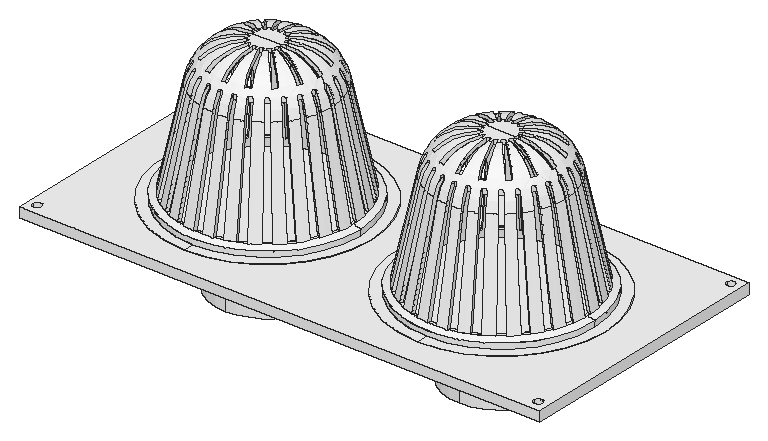
Revit family "R150", category Plumbing Fixtures, host Face, Revit 2018
Family settings
  Host = Face
  Round Connector Dimension = Use Radius
  Part Type = Normal
  Cut with Voids When Loaded = No
  Shared = No
  Room Calculation Point = No
Parameters (values of type "R154_4"Drain Pipe Size")
  WFU = 0
  URL = "WWW.MIFAB.COM"
  Pipe Radius = Pipe Diameter / 2  # 0' - 2"
  Pipe Diameter = 0' - 4"
  Model = "R154"
  Manufacturer = "MIFAB"
  Floor Drain Material = Paint - Sherwin Williams Paint - #952C2A - Bellwood Red
  Description = "CAST IRON COMBINED ROOF DRAIN WITH ALUMINUM DOMES AND OVERFLOW STANDPIPE"
  Default Elevation = 0' - 0"
  CWFU = 0
  CW Connection = no
  Body Height = 0' - 3"
  Assembly Code = ""
Types (4): name | Pipe Radius | Pipe Diameter | Model | CW Connection
  (no name) | 0' - 2" | 0' - 4" | "R154" | no
  R153_3" Drain Pipe Size | 0' - 1 1/2" | 0' - 3" | "R153" | no
  R152_2" Drain Pipe Size | 0' - 1" | 0' - 2" | "R152" | yes
  R154_4"Drain Pipe Size | 0' - 2" | 0' - 4" | "R154" | no
Reference planes (in)
  plane 1 "Center (Front/Back)": y = 0
  plane 2: z = 0
  plane 3 "Center (Left/Right)": x = 0
  plane 4: y = -2
  plane 5: y = 2
  plane 6: x = 10
  plane 7: x = -10
  plane 8: y = 5
  plane 9: y = -5
  plane 10: x = -9.63051
  plane 11: x = 9.63051
  plane 12: y = 4.62663
  plane 13: y = -4.62663
  plane 14: z = -0.39019
  plane 15: x = -4.5
  plane 16: x = 4.5
Forms (in)
  Extrusion 1, solid, material "Paint - Sherwin Williams Paint - #952C2A - Bellwood Red" <- "Floor Drain Material"
    sketch origin (0, 0, 0) x (1, 0, 0) y (0, 1, 0)
      loop
        line (-10, 5) -> (-10, -5) -> (10, -5) -> (10, 5) -> (-10, 5)
      loop
        circle (9.63051, 4.62663) r 0.16819
      loop
        circle (9.63051, -4.62663) r 0.16819
      loop
        circle (-9.63051, 4.62663) r 0.16819
      loop
        circle (-9.63051, -4.62663) r 0.16819
    from 0 to -0.39019
  Extrusion 2, void
    sketch origin (0, 0, 0) x (1, 0, 0) y (0, 1, 0)
      loop
        line (-10, 5) -> (-10, -5) -> (10, -5) -> (10, 5) -> (-10, 5)
    from -0.39019 to 0
Dimensions and locks (in)
  equal spacing: plane 5, plane 1 "Center (Front/Back)", plane 4
  "Pipe Diameter": plane 5 to plane 4
  "Pipe Radius": plane 1 "Center (Front/Back)" to plane 4
  equal spacing: plane 7, plane 3 "Center (Left/Right)", plane 6
  plane 7 to plane 6 = 1' - 8"
  equal spacing: plane 9, plane 1 "Center (Front/Back)", plane 8
  plane 9 to plane 8 = 0' - 10"
  locked: plane 9 to plane 13 at 0.37337
  locked: plane 8 to plane 12 at 0.37337
  locked: plane 7 to plane 10 at 0.36949
  locked: plane 11 to plane 6 at 0.36949
  locked: plane 2 to plane 14 at 0.39019
  equal spacing: plane 15, plane 3 "Center (Left/Right)", plane 16
  plane 15 to plane 16 = 0' - 9"
  plane 16 to plane 15 = 0' - 9"
  aligned and locked: plane 2 to host face
  aligned and locked: level to host face
  aligned and locked: Extrusion 1 sketch curve to plane 8
  aligned and locked: Extrusion 1 sketch curve to plane 7
  aligned and locked: Extrusion 1 sketch curve to plane 9
  aligned and locked: Extrusion 1 sketch curve to plane 6
  aligned and locked: plane 10 to Extrusion 1 sketch curve  (x2)
  aligned and locked: plane 12 to Extrusion 1 sketch curve  (x2)
  aligned and locked: plane 11 to Extrusion 1 sketch curve  (x2)
  aligned and locked: plane 13 to Extrusion 1 sketch curve  (x2)
  aligned and locked: Extrusion 1 to plane 14
  aligned and locked: level to Extrusion 1
  aligned and locked: plane 15 to nested 1
  aligned and locked: plane 1 "Center (Front/Back)" to nested 1
  aligned and locked: nested 2 to plane 16
  aligned and locked: plane 1 "Center (Front/Back)" to nested 2
  aligned and locked: plane 7 to Extrusion 2 sketch curve
  aligned and locked: Extrusion 2 sketch curve to plane 8
  aligned and locked: plane 9 to Extrusion 2 sketch curve
  aligned and locked: Extrusion 2 sketch curve to plane 6
  aligned and locked: Extrusion 2 to plane 14
  aligned and locked: plane 2 to Extrusion 2
Automatic sketch dimensions
  host sketch curve to host sketch curve = 8' - 0"  (x2)
  radius of Extrusion 1 sketch curve = 0' - 0.16819"  (x4)
Nested families (in)
  nested 1: "R100" at (-4.5, 0, 0), type "R104_4" Drain Pipe Size"
    with Body Height 0' - 3"
  nested 2: "R100" at (4.5, 0, 0), type "R104_4" Drain Pipe Size"
    with Body Height 0' - 3"
Connectors (in)
  piping at (-4.5, 0, -3), diameter 4, driven by "Pipe Radius"
    settings: on nested 1, index 1, connector inside diameter 24", connector length 0' - 0", flow factor 0, pipe flow 0 GPM, pressure drop 0.00 psi, fitting loss kfactor 0, connector angle 0.00°, fixture units 0, engagement length 0' - 0", angle of deflection 0.00°, flow configuration 0, flow direction 0, fitting loss method 0, system type 7, joint type 0, gender type 0, connector reference index -1, connector utility 0, adjustable connector no, is connector primary yes, connector description ""
  piping at (4.5, 0, -3), diameter 4, driven by "Pipe Radius"
    settings: on nested 2, index 2, connector inside diameter 24", connector length 0' - 0", flow factor 0, pipe flow 0 GPM, pressure drop 0.00 psi, fitting loss kfactor 0, connector angle 0.00°, fixture units 0, engagement length 0' - 0", angle of deflection 0.00°, flow configuration 0, flow direction 0, fitting loss method 0, system type 7, joint type 0, gender type 0, connector reference index -1, connector utility 0, adjustable connector no, is connector primary no, connector description ""
Definition of nested family "R100"
  Parameters (values of type "R104_4" Drain Pipe Size")
    WFU = 0
    URL = "WWW.MIFAB.COM"
    Pipe Radius = Pipe Diameter / 2  # 0' - 2"
    Pipe Diameter = 0' - 4"
    Model = "R104"
    Manufacturer = "MIFAB"
    Floor Drain Material = none
    Description = "PVC OR ABS ROOF DRAIN WITH 8” DIAMETER FLANGE"
    Default Elevation = 0' - 0"
    CWFU = 0
    Body Height = 0' - 3 3/4"
    Assembly Code = ""
  Types (4): name | Pipe Radius | Pipe Diameter | Model | Body Height
    (no name) | 0' - 2" | 0' - 4" | "R104" | 0' - 3 3/4"
    R104_4" Drain Pipe Size | 0' - 2" | 0' - 4" | "R104" | 0' - 3 3/4"
    R103_3" Drain Pipe Size | 0' - 1 1/2" | 0' - 3" | "R103" | 0' - 3 3/4"
    R102_2" Drain Pipe Size | 0' - 1" | 0' - 2" | "R102" | 0' - 2 61/64"
  Reference planes (in)
    plane 1 "Center (Front/Back)": y = 0
    plane 2: z = 0
    plane 3 "Center (Left/Right)": x = 0
    plane 4: y = -2
    plane 5: y = 2
    plane 6: x = -2.5
    plane 7: x = 2.5
    plane 8: z = -3.75
    plane 9: z = 5.5
    plane 10: z = -0.09596
    plane 11: x = -4
    plane 12: x = 4
    plane 13: y = -4
    plane 14: y = 4
    plane 15: z = -2.85573
    plane 16: z = -2.7253
  Forms (in)
    Extrusion 1, solid
      sketch origin (0, 0, 0) x (1, 0, 0) y (0, 1, 0)
        loop
          line (-48, 48) -> (-48, -48) -> (48, -48) -> (48, 48) -> (-48, 48)
      from 0 to -2.74267
    Revolve 2, solid, material <- "Floor Drain Material"
      sketch origin (0, 0.04396, -2.375) x (0, 1, 0) y (0, 0, 1)
        loop
          line (-3.62208, 2.375) -> (-4.04396, 2.375) -> (-4.04396, 2.17578) -> (-3.74853, 2.17578) -> (-3.74853, 1.92842) -> (-2.78298, 1.92842) -> (-2.78298, 0.21741)
          arc (-2.78298, 0.21741) -> (-2.7704, 0.15989) -> (-2.73496, 0.11286) r 0.13783
          line (-2.73496, 0.11286) -> (-2.04396, -0.48073) -> (-2.04396, -1.375) -> (-1.84474, -1.375) -> (-1.84474, -0.3503) -> (-2.58376, 0.28454) -> (-2.58376, 2.08137) -> (-3.24107, 2.08137) -> (-3.62208, 2.375)
        axis (-0.04396, 2.375) -> (-0.04396, -1.375)
      angle from 0 to 360
  Lines and regions (in)
    model lines, not visible
      curve 1: line (6.7156, 0, 9.07611) -> (12.5156, 0, 9.07611)
      curve 2: line (12.5156, 0, 9.07611) -> (12.5156, 0, 10.82611)
      curve 3: line (12.5156, 0, 10.82611) -> (6.7156, 0, 10.82611)
      curve 4: line (6.7156, 0, 10.82611) -> (6.7156, 0, 9.07611)
      curve 5: line (7.13163, 0, 10.86539) -> (7.13163, 0, 12.86539)
      curve 6: line (7.13163, 0, 12.86539) -> (15.53163, 0, 12.86539)
      curve 7: line (15.53163, 0, 12.86539) -> (15.53163, 0, 10.86539)
      curve 8: line (11.33163, 0, 12.86539) -> (11.33163, 0, 12.36539)
  Dimensions and locks (in)
    equal spacing: plane 5, plane 1 "Center (Front/Back)", plane 4
    "Pipe Diameter": plane 5 to plane 4
    "Pipe Radius": plane 1 "Center (Front/Back)" to plane 4
    plane 9 to level = 0' - 5 1/2"
    locked: plane 2 to plane 10 at 0.09596
    equal spacing: plane 11, plane 3 "Center (Left/Right)", plane 12
    plane 11 to plane 12 = 0' - 8"
    plane 13 to plane 14 = 0' - 8"
    "Body Height": level to plane 8
    plane 16 to plane 15 to plane 8 = 0' - 0.13043" locked, 0' - 0.89427" locked
    Revolve 2 sketch curve to Revolve 2 sketch curve to plane 13 = 0' - 0 51/256" locked, 0' - 1.26098" locked
    plane 9 to Extrusion 1 = 0' - 5 1/2"
    aligned and locked: plane 2 to Extrusion 1
    aligned and locked: level to Extrusion 1
    aligned and locked: Revolve 2 sketch curve to plane 2
    aligned and locked: plane 8 to Revolve 2 sketch curve
    aligned and locked: plane 15 to Revolve 2 sketch curve
    aligned and locked: plane 16 to Revolve 2 sketch curve
    aligned and locked: plane 1 "Center (Front/Back)" to nested 1
    aligned and locked: plane 3 "Center (Left/Right)" to nested 1
  Automatic sketch dimensions
    curve 5 to curve 7 = 0' - 8.4"
    curve 5 to curve 8 = 0' - 4.2"
    curve 5 to curve 5 = 0' - 2"
    curve 7 to curve 6 = 0' - 2"
    curve 8 to curve 8 = 0' - 0 1/2"
    Extrusion 1 sketch curve to Extrusion 1 sketch curve = 8' - 0"  (x2)
    Revolve 2 sketch curve to plane 13 = 0' - 0"
    Revolve 2 sketch curve to plane 4 = 0' - 0"
    Revolve 2 sketch curve to plane 1 "Center (Front/Back)" = 0' - 0"
    plane 13 to Revolve 2 sketch curve = 0' - 0.29543"
    Revolve 2 sketch curve to Revolve 2 sketch curve = 0' - 0.12644"
    Revolve 2 sketch curve to plane 10 = 0' - 0.19767"
    Revolve 2 sketch curve to Revolve 2 sketch curve = 0' - 0.38102"
    plane 16 to Revolve 2 sketch curve = 0' - 0.46316"
    Revolve 2 sketch curve to Revolve 2 sketch curve = 0' - 0.04802"
    Revolve 2 sketch curve to Revolve 2 sketch curve = 0' - 0.06139"
    Revolve 2 sketch curve to Revolve 2 sketch curve = 0' - 0 51/256"
    Revolve 2 sketch curve to Revolve 2 sketch curve = 0' - 0.06712"
    Revolve 2 sketch curve to plane 10 = 0' - 0.35062"
    Revolve 2 sketch curve to plane 10 = 0' - 0.10326"
    Revolve 2 sketch curve to plane 8 = 0' - 0 3/4"
    Revolve 2 sketch curve to Revolve 2 sketch curve = 0' - 3 35/64"
  Nested families (in)
    nested 1: "Dome Jali" at (0, 0, 0), type "Dome Jali"
  Connectors (in)
    piping at (0, 0, -3.75), diameter 4, driven by "Pipe Radius"
      settings: on Revolve 2, index 1, connector inside diameter 24", connector length 0' - 0", flow factor 0, pipe flow 0 GPM, pressure drop 0.00 psi, fitting loss kfactor 0, connector angle 0.00°, fixture units 0, engagement length 0' - 0", angle of deflection 0.00°, flow configuration 0, flow direction 0, fitting loss method 0, system type 7, joint type 0, gender type 0, connector reference index -1, connector utility 0, adjustable connector no, is connector primary yes, connector description ""
  Definition of nested family "Dome Jali"
    Parameters (values of type "Dome Jali")
      Floor Drain Material = none
    Reference planes (in)
      plane 1 "Center (Front/Back)": y = 0
      plane 2: z = 0
      plane 3 "Center (Left/Right)": x = 0
    Forms (in)
      Revolve 1, solid, material <- "Floor Drain Material"
        sketch origin (0, 0, 7.5) x (1, 0, 0) y (0, 0, 1)
          loop
            line (3.58729, -7.49805) -> (3.58729, -7.29288) -> (3.32525, -7.19671) -> (2.51192, -3.4474)
            arc (2.51192, -3.4474) -> (1.86982, -2.40693) -> (0.71687, -2) r 1.8368
            line (0.71687, -2) -> (0, -2) -> (0, -2.13281) -> (0.68043, -2.13281)
            arc (0.68043, -2.13281) -> (1.77575, -2.51798) -> (2.38892, -3.50393) r 1.75
            line (2.38892, -3.50393) -> (3.27467, -7.49805) -> (3.58729, -7.49805)
          axis (0, -7.49805) -> (0, -2)
        angle from 0 to 360
      Extrusion 2, void
        sketch origin (0, 0, 0) x (0, 1, 0) y (0, 0, -1)
          loop
            line (0.16735, -0.30329) -> (-0.15627, -0.30329) -> (-0.09398, -4.64836)
            arc (-0.09398, -4.64836) -> (0.00554, -4.74646) -> (0.10506, -4.64836) r 0.09953
            line (0.10506, -4.64836) -> (0.16735, -0.30329)
        from 2.17608 to 4
      Extrusion 3, void
        sketch origin (0, 0, 0) x (1, 0, 0) y (0, 0, -1)
          loop
            line (0.16735, -0.30329) -> (-0.15627, -0.30329) -> (-0.09398, -4.64836)
            arc (-0.09398, -4.64836) -> (0.00554, -4.74646) -> (0.10506, -4.64836) r 0.09953
            line (0.10506, -4.64836) -> (0.16735, -0.30329)
        from 2.17608 to 4
      Extrusion 4, void
        sketch origin (0, 0, 0) x (0.222521, 0.974928, 0) y (0, 0, -1)
          loop
            line (0.16735, -0.30329) -> (-0.15627, -0.30329) -> (-0.09398, -4.64836)
            arc (-0.09398, -4.64836) -> (0.00554, -4.74646) -> (0.10506, -4.64836) r 0.09953
            line (0.10506, -4.64836) -> (0.16735, -0.30329)
        from 2.17608 to 4
      Extrusion 5, void
        sketch origin (0, 0, 0) x (0.433884, 0.900969, 0) y (0, 0, -1)
          loop
            line (0.16735, -0.30329) -> (-0.15627, -0.30329) -> (-0.09398, -4.64836)
            arc (-0.09398, -4.64836) -> (0.00554, -4.74646) -> (0.10506, -4.64836) r 0.09953
            line (0.10506, -4.64836) -> (0.16735, -0.30329)
        from 2.17608 to 4
      Extrusion 6, void
        sketch origin (0, 0, 0) x (0.62349, 0.781831, 0) y (0, 0, -1)
          loop
            line (0.16735, -0.30329) -> (-0.15627, -0.30329) -> (-0.09398, -4.64836)
            arc (-0.09398, -4.64836) -> (0.00554, -4.74646) -> (0.10506, -4.64836) r 0.09953
            line (0.10506, -4.64836) -> (0.16735, -0.30329)
        from 2.17608 to 4
      Extrusion 7, void
        sketch origin (0, 0, 0) x (0.781831, 0.62349, 0) y (0, 0, -1)
          loop
            line (0.16735, -0.30329) -> (-0.15627, -0.30329) -> (-0.09398, -4.64836)
            arc (-0.09398, -4.64836) -> (0.00554, -4.74646) -> (0.10506, -4.64836) r 0.09953
            line (0.10506, -4.64836) -> (0.16735, -0.30329)
        from 2.17608 to 4
      Extrusion 8, void
        sketch origin (0, 0, 0) x (0.900969, 0.433884, 0) y (0, 0, -1)
          loop
            line (0.16735, -0.30329) -> (-0.15627, -0.30329) -> (-0.09398, -4.64836)
            arc (-0.09398, -4.64836) -> (0.00554, -4.74646) -> (0.10506, -4.64836) r 0.09953
            line (0.10506, -4.64836) -> (0.16735, -0.30329)
        from 2.17608 to 4
      Extrusion 9, void
        sketch origin (0, 0, 0) x (0.974928, 0.222521, 0) y (0, 0, -1)
          loop
            line (0.16735, -0.30329) -> (-0.15627, -0.30329) -> (-0.09398, -4.64836)
            arc (-0.09398, -4.64836) -> (0.00554, -4.74646) -> (0.10506, -4.64836) r 0.09953
            line (0.10506, -4.64836) -> (0.16735, -0.30329)
        from 2.17608 to 4
      Extrusion 10, void
        sketch origin (0, 0, 0) x (0, 1, 0) y (0, 0, 1)
          loop
            line (0.16735, 0.30329) -> (0.10506, 4.64836)
            arc (0.10506, 4.64836) -> (0.00554, 4.74646) -> (-0.09398, 4.64836) r 0.09953
            line (-0.09398, 4.64836) -> (-0.15627, 0.30329) -> (0.16735, 0.30329)
        from 2.17608 to 4
      Extrusion 11, void
        sketch origin (0, 0, 0) x (-0.222521, 0.974928, 0) y (0, 0, 1)
          loop
            line (0.16735, 0.30329) -> (0.10506, 4.64836)
            arc (0.10506, 4.64836) -> (0.00554, 4.74646) -> (-0.09398, 4.64836) r 0.09953
            line (-0.09398, 4.64836) -> (-0.15627, 0.30329) -> (0.16735, 0.30329)
        from 2.17608 to 4
      Extrusion 12, void
        sketch origin (0, 0, 0) x (-0.433884, 0.900969, 0) y (0, 0, 1)
          loop
            line (0.16735, 0.30329) -> (0.10506, 4.64836)
            arc (0.10506, 4.64836) -> (0.00554, 4.74646) -> (-0.09398, 4.64836) r 0.09953
            line (-0.09398, 4.64836) -> (-0.15627, 0.30329) -> (0.16735, 0.30329)
        from 2.17608 to 4
      Extrusion 13, void
        sketch origin (0, 0, 0) x (-0.62349, 0.781831, 0) y (0, 0, 1)
          loop
            line (0.16735, 0.30329) -> (0.10506, 4.64836)
            arc (0.10506, 4.64836) -> (0.00554, 4.74646) -> (-0.09398, 4.64836) r 0.09953
            line (-0.09398, 4.64836) -> (-0.15627, 0.30329) -> (0.16735, 0.30329)
        from 2.17608 to 4
      Extrusion 14, void
        sketch origin (0, 0, 0) x (-0.781831, 0.62349, 0) y (0, 0, 1)
          loop
            line (0.16735, 0.30329) -> (0.10506, 4.64836)
            arc (0.10506, 4.64836) -> (0.00554, 4.74646) -> (-0.09398, 4.64836) r 0.09953
            line (-0.09398, 4.64836) -> (-0.15627, 0.30329) -> (0.16735, 0.30329)
        from 2.17608 to 4
      Extrusion 15, void
        sketch origin (0, 0, 0) x (-0.900969, 0.433884, 0) y (0, 0, 1)
          loop
            line (0.16735, 0.30329) -> (0.10506, 4.64836)
            arc (0.10506, 4.64836) -> (0.00554, 4.74646) -> (-0.09398, 4.64836) r 0.09953
            line (-0.09398, 4.64836) -> (-0.15627, 0.30329) -> (0.16735, 0.30329)
        from 2.17608 to 4
      Extrusion 16, void
        sketch origin (0, 0, 0) x (-0.974928, 0.222521, 0) y (0, 0, 1)
          loop
            line (0.16735, 0.30329) -> (0.10506, 4.64836)
            arc (0.10506, 4.64836) -> (0.00554, 4.74646) -> (-0.09398, 4.64836) r 0.09953
            line (-0.09398, 4.64836) -> (-0.15627, 0.30329) -> (0.16735, 0.30329)
        from 2.17608 to 4
      Extrusion 17, void
        sketch origin (0, 0, 0) x (1, 0, 0) y (0, 0, 1)
          loop
            line (0.16735, 0.30329) -> (0.10506, 4.64836)
            arc (0.10506, 4.64836) -> (0.00554, 4.74646) -> (-0.09398, 4.64836) r 0.09953
            line (-0.09398, 4.64836) -> (-0.15627, 0.30329) -> (0.16735, 0.30329)
        from 2.17608 to 4
      Extrusion 18, void
        sketch origin (0, 0, 0) x (0.222521, -0.974928, 0) y (0, 0, 1)
          loop
            line (0.16735, 0.30329) -> (0.10506, 4.64836)
            arc (0.10506, 4.64836) -> (0.00554, 4.74646) -> (-0.09398, 4.64836) r 0.09953
            line (-0.09398, 4.64836) -> (-0.15627, 0.30329) -> (0.16735, 0.30329)
        from 2.17608 to 4
      Extrusion 19, void
        sketch origin (0, 0, 0) x (0.433884, -0.900969, 0) y (0, 0, 1)
          loop
            line (0.16735, 0.30329) -> (0.10506, 4.64836)
            arc (0.10506, 4.64836) -> (0.00554, 4.74646) -> (-0.09398, 4.64836) r 0.09953
            line (-0.09398, 4.64836) -> (-0.15627, 0.30329) -> (0.16735, 0.30329)
        from 2.17608 to 4
      Extrusion 20, void
        sketch origin (0, 0, 0) x (0.62349, -0.781831, 0) y (0, 0, 1)
          loop
            line (0.16735, 0.30329) -> (0.10506, 4.64836)
            arc (0.10506, 4.64836) -> (0.00554, 4.74646) -> (-0.09398, 4.64836) r 0.09953
            line (-0.09398, 4.64836) -> (-0.15627, 0.30329) -> (0.16735, 0.30329)
        from 2.17608 to 4
      Extrusion 21, void
        sketch origin (0, 0, 0) x (0.781831, -0.62349, 0) y (0, 0, 1)
          loop
            line (0.16735, 0.30329) -> (0.10506, 4.64836)
            arc (0.10506, 4.64836) -> (0.00554, 4.74646) -> (-0.09398, 4.64836) r 0.09953
            line (-0.09398, 4.64836) -> (-0.15627, 0.30329) -> (0.16735, 0.30329)
        from 2.17608 to 4
      Extrusion 22, void
        sketch origin (0, 0, 0) x (0.900969, -0.433884, 0) y (0, 0, 1)
          loop
            line (0.16735, 0.30329) -> (0.10506, 4.64836)
            arc (0.10506, 4.64836) -> (0.00554, 4.74646) -> (-0.09398, 4.64836) r 0.09953
            line (-0.09398, 4.64836) -> (-0.15627, 0.30329) -> (0.16735, 0.30329)
        from 2.17608 to 4
      Extrusion 23, void
        sketch origin (0, 0, 0) x (0.974928, -0.222521, 0) y (0, 0, 1)
          loop
            line (0.16735, 0.30329) -> (0.10506, 4.64836)
            arc (0.10506, 4.64836) -> (0.00554, 4.74646) -> (-0.09398, 4.64836) r 0.09953
            line (-0.09398, 4.64836) -> (-0.15627, 0.30329) -> (0.16735, 0.30329)
        from 2.17608 to 4
      Extrusion 24, void
        sketch origin (0, 0, 0) x (-0.222521, -0.974928, 0) y (0, 0, -1)
          loop
            line (0.16735, -0.30329) -> (-0.15627, -0.30329) -> (-0.09398, -4.64836)
            arc (-0.09398, -4.64836) -> (0.00554, -4.74646) -> (0.10506, -4.64836) r 0.09953
            line (0.10506, -4.64836) -> (0.16735, -0.30329)
        from 2.17608 to 4
      Extrusion 25, void
        sketch origin (0, 0, 0) x (-0.433884, -0.900969, 0) y (0, 0, -1)
          loop
            line (0.16735, -0.30329) -> (-0.15627, -0.30329) -> (-0.09398, -4.64836)
            arc (-0.09398, -4.64836) -> (0.00554, -4.74646) -> (0.10506, -4.64836) r 0.09953
            line (0.10506, -4.64836) -> (0.16735, -0.30329)
        from 2.17608 to 4
      Extrusion 26, void
        sketch origin (0, 0, 0) x (-0.62349, -0.781831, 0) y (0, 0, -1)
          loop
            line (0.16735, -0.30329) -> (-0.15627, -0.30329) -> (-0.09398, -4.64836)
            arc (-0.09398, -4.64836) -> (0.00554, -4.74646) -> (0.10506, -4.64836) r 0.09953
            line (0.10506, -4.64836) -> (0.16735, -0.30329)
        from 2.17608 to 4
      Extrusion 27, void
        sketch origin (0, 0, 0) x (-0.781831, -0.62349, 0) y (0, 0, -1)
          loop
            line (0.16735, -0.30329) -> (-0.15627, -0.30329) -> (-0.09398, -4.64836)
            arc (-0.09398, -4.64836) -> (0.00554, -4.74646) -> (0.10506, -4.64836) r 0.09953
            line (0.10506, -4.64836) -> (0.16735, -0.30329)
        from 2.17608 to 4
      Extrusion 28, void
        sketch origin (0, 0, 0) x (-0.900969, -0.433884, 0) y (0, 0, -1)
          loop
            line (0.16735, -0.30329) -> (-0.15627, -0.30329) -> (-0.09398, -4.64836)
            arc (-0.09398, -4.64836) -> (0.00554, -4.74646) -> (0.10506, -4.64836) r 0.09953
            line (0.10506, -4.64836) -> (0.16735, -0.30329)
        from 2.17608 to 4
      Extrusion 29, void
        sketch origin (0, 0, 0) x (-0.974928, -0.222521, 0) y (0, 0, -1)
          loop
            line (0.16735, -0.30329) -> (-0.15627, -0.30329) -> (-0.09398, -4.64836)
            arc (-0.09398, -4.64836) -> (0.00554, -4.74646) -> (0.10506, -4.64836) r 0.09953
            line (0.10506, -4.64836) -> (0.16735, -0.30329)
        from 2.17608 to 4
      Extrusion 30, void
        sketch origin (0, 0, 0) x (1, 0, 0) y (0, 1, 0)
          loop
            line (-0.125, 2.0498) -> (-0.0755, 0.63225)
            arc (-0.0755, 0.63225) -> (0, 0.55935) -> (0.0755, 0.63225) r 0.07554
            line (0.0755, 0.63225) -> (0.125, 2.0498) -> (-0.125, 2.0498)
        from 4.08938 to 6.43132
      Extrusion 31, void
        sketch origin (0, 0, 0) x (0, -1, 0) y (1, 0, 0)
          loop
            line (-0.125, 2.0498) -> (-0.0755, 0.63225)
            arc (-0.0755, 0.63225) -> (0, 0.55935) -> (0.0755, 0.63225) r 0.07554
            line (0.0755, 0.63225) -> (0.125, 2.0498) -> (-0.125, 2.0498)
        from 4.08938 to 6.43132
      Extrusion 32, void
        sketch origin (0, 0, 0) x (0.92388, -0.382683, 0) y (0.382683, 0.92388, 0)
          loop
            line (-0.125, 2.0498) -> (-0.0755, 0.63225)
            arc (-0.0755, 0.63225) -> (0, 0.55935) -> (0.0755, 0.63225) r 0.07554
            line (0.0755, 0.63225) -> (0.125, 2.0498) -> (-0.125, 2.0498)
        from 4.08938 to 6.43132
      Extrusion 33, void
        sketch origin (0, 0, 0) x (0.707107, -0.707107, 0) y (0.707107, 0.707107, 0)
          loop
            line (-0.125, 2.0498) -> (-0.0755, 0.63225)
            arc (-0.0755, 0.63225) -> (0, 0.55935) -> (0.0755, 0.63225) r 0.07554
            line (0.0755, 0.63225) -> (0.125, 2.0498) -> (-0.125, 2.0498)
        from 4.08938 to 6.43132
      Extrusion 34, void
        sketch origin (0, 0, 0) x (0.382683, -0.92388, 0) y (0.92388, 0.382683, 0)
          loop
            line (-0.125, 2.0498) -> (-0.0755, 0.63225)
            arc (-0.0755, 0.63225) -> (0, 0.55935) -> (0.0755, 0.63225) r 0.07554
            line (0.0755, 0.63225) -> (0.125, 2.0498) -> (-0.125, 2.0498)
        from 4.08938 to 6.43132
      Extrusion 35, void
        sketch origin (0, 0, 0) x (0, -1, 0) y (1, 0, 0)
          loop
            line (-0.125, -2.0498) -> (0.125, -2.0498) -> (0.0755, -0.63225)
            arc (0.0755, -0.63225) -> (0, -0.55935) -> (-0.0755, -0.63225) r 0.07554
            line (-0.0755, -0.63225) -> (-0.125, -2.0498)
        from 4.08938 to 6.43132
      Extrusion 36, void
        sketch origin (0, 0, 0) x (-0.92388, -0.382683, 0) y (0.382683, -0.92388, 0)
          loop
            line (-0.125, -2.0498) -> (0.125, -2.0498) -> (0.0755, -0.63225)
            arc (0.0755, -0.63225) -> (0, -0.55935) -> (-0.0755, -0.63225) r 0.07554
            line (-0.0755, -0.63225) -> (-0.125, -2.0498)
        from 4.08938 to 6.43132
      Extrusion 37, void
        sketch origin (0, 0, 0) x (-0.707107, -0.707107, 0) y (0.707107, -0.707107, 0)
          loop
            line (-0.125, -2.0498) -> (0.125, -2.0498) -> (0.0755, -0.63225)
            arc (0.0755, -0.63225) -> (0, -0.55935) -> (-0.0755, -0.63225) r 0.07554
            line (-0.0755, -0.63225) -> (-0.125, -2.0498)
        from 4.08938 to 6.43132
      Extrusion 38, void
        sketch origin (0, 0, 0) x (-0.382683, -0.92388, 0) y (0.92388, -0.382683, 0)
          loop
            line (-0.125, -2.0498) -> (0.125, -2.0498) -> (0.0755, -0.63225)
            arc (0.0755, -0.63225) -> (0, -0.55935) -> (-0.0755, -0.63225) r 0.07554
            line (-0.0755, -0.63225) -> (-0.125, -2.0498)
        from 4.08938 to 6.43132
      Extrusion 39, void
        sketch origin (0, 0, 0) x (1, 0, 0) y (0, 1, 0)
          loop
            line (-0.125, -2.0498) -> (0.125, -2.0498) -> (0.0755, -0.63225)
            arc (0.0755, -0.63225) -> (0, -0.55935) -> (-0.0755, -0.63225) r 0.07554
            line (-0.0755, -0.63225) -> (-0.125, -2.0498)
        from 4.08938 to 6.43132
      Extrusion 40, void
        sketch origin (0, 0, 0) x (0.92388, 0.382683, 0) y (-0.382683, 0.92388, 0)
          loop
            line (-0.125, -2.0498) -> (0.125, -2.0498) -> (0.0755, -0.63225)
            arc (0.0755, -0.63225) -> (0, -0.55935) -> (-0.0755, -0.63225) r 0.07554
            line (-0.0755, -0.63225) -> (-0.125, -2.0498)
        from 4.08938 to 6.43132
      Extrusion 41, void
        sketch origin (0, 0, 0) x (0.707107, 0.707107, 0) y (-0.707107, 0.707107, 0)
          loop
            line (-0.125, -2.0498) -> (0.125, -2.0498) -> (0.0755, -0.63225)
            arc (0.0755, -0.63225) -> (0, -0.55935) -> (-0.0755, -0.63225) r 0.07554
            line (-0.0755, -0.63225) -> (-0.125, -2.0498)
        from 4.08938 to 6.43132
      Extrusion 42, void
        sketch origin (0, 0, 0) x (0.382683, 0.92388, 0) y (-0.92388, 0.382683, 0)
          loop
            line (-0.125, -2.0498) -> (0.125, -2.0498) -> (0.0755, -0.63225)
            arc (0.0755, -0.63225) -> (0, -0.55935) -> (-0.0755, -0.63225) r 0.07554
            line (-0.0755, -0.63225) -> (-0.125, -2.0498)
        from 4.08938 to 6.43132
      Extrusion 43, void
        sketch origin (0, 0, 0) x (-0.92388, 0.382683, 0) y (-0.382683, -0.92388, 0)
          loop
            line (-0.125, 2.0498) -> (-0.0755, 0.63225)
            arc (-0.0755, 0.63225) -> (0, 0.55935) -> (0.0755, 0.63225) r 0.07554
            line (0.0755, 0.63225) -> (0.125, 2.0498) -> (-0.125, 2.0498)
        from 4.08938 to 6.43132
      Extrusion 44, void
        sketch origin (0, 0, 0) x (-0.707107, 0.707107, 0) y (-0.707107, -0.707107, 0)
          loop
            line (-0.125, 2.0498) -> (-0.0755, 0.63225)
            arc (-0.0755, 0.63225) -> (0, 0.55935) -> (0.0755, 0.63225) r 0.07554
            line (0.0755, 0.63225) -> (0.125, 2.0498) -> (-0.125, 2.0498)
        from 4.08938 to 6.43132
      Extrusion 45, void
        sketch origin (0, 0, 0) x (-0.382683, 0.92388, 0) y (-0.92388, -0.382683, 0)
          loop
            line (-0.125, 2.0498) -> (-0.0755, 0.63225)
            arc (-0.0755, 0.63225) -> (0, 0.55935) -> (0.0755, 0.63225) r 0.07554
            line (0.0755, 0.63225) -> (0.125, 2.0498) -> (-0.125, 2.0498)
        from 4.08938 to 6.43132
    Cuts and joins
      Extrusion 2, Extrusion 3, Extrusion 4, Extrusion 5, Extrusion 6, Extrusion 7, Extrusion 8, Extrusion 9, Extrusion 10, Extrusion 11, Extrusion 12, Extrusion 13, Extrusion 14, Extrusion 15, Extrusion 16, Extrusion 17, Extrusion 18, Extrusion 19, Extrusion 20, Extrusion 21, Extrusion 22, Extrusion 23, Extrusion 24, Extrusion 25, Extrusion 26, Extrusion 27, Extrusion 28, Extrusion 29, Extrusion 30, Extrusion 31, Extrusion 32, Extrusion 33, Extrusion 34, Extrusion 35, Extrusion 36, Extrusion 37, Extrusion 38, Extrusion 39, Extrusion 40, Extrusion 41, Extrusion 42, Extrusion 43, Extrusion 44, Extrusion 45 cuts Revolve 1
    Dimensions and locks (in)
      aligned and locked: level to plane 2
